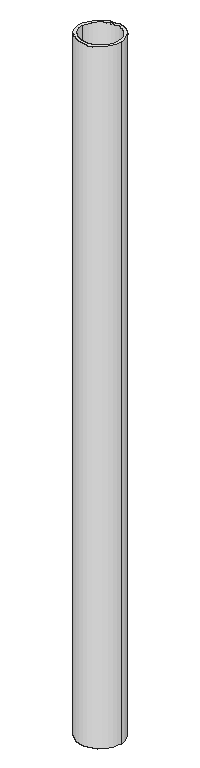
Revit family
Parameters (values of type "168.3x10CHS")
  Column Material [instance] = Metal - Steel - 345 MPa
  Assembly Code = ""
  A = 0.005 m²
  D = 168.3 mm
  Ix = 1564
  M = 39
  Zx = 186
  t = 10 mm
Reference planes
  plane 1 "Center (Front/Back)": y = 0
  plane 2: z = 0
  plane 3 "Center (Left/Right)": x = 0
  plane 4: x = -84.15
  plane 5: x = 84.15
  plane 6: y = 84.15
  plane 7: y = -84.15
  plane 8: x = -74.15
  plane 9: x = 74.15
Forms (mm)
  Extrusion 1, solid, material "Metal - Steel - 345 MPa" <- "Column Material", detail levels medium+fine
    sketch origin (0, 0, 0) x (1, 0, 0) y (0, 1, 0)
      loop
        circle (0, 0) r 84.15
      loop
        circle (0, 0) r 74.15
    from 0 to 2500
Lines and regions (mm)
  symbolic lines, style "StructuralColumnStickSymbols", detail levels coarse
    curve 1: arc (-84.15, 0, 0) -> (0, -84.15, 0) -> (84.15, 0, 0) r 84.15
    curve 2: arc (84.15, 0, 0) -> (0, 84.15, 0) -> (-84.15, 0, 0) r 84.15
Dimensions and locks
  plane 4 to plane 3 "Center (Left/Right)" to plane 5 = 84.15 mm, 84.15 mm
  plane 7 to plane 1 "Center (Front/Back)" to plane 6 = 84.15 mm, 84.15 mm
  "D": plane 7 to plane 6
  "D": plane 4 to plane 5
  "t": plane 4 to plane 8
  "t": plane 9 to plane 5
  aligned: level to Extrusion 1
  aligned: level to plane 2
  aligned: Extrusion 1 to plane 2
  aligned: curve 1 to Extrusion 1
Automatic sketch dimensions
  Extrusion 1 sketch curve to plane 1 "Center (Front/Back)" = 0 mm  (x2)
  Extrusion 1 sketch curve to plane 4 = 0 mm
  Extrusion 1 sketch curve to plane 8 = 0 mm
  Extrusion 1 sketch curve to plane 3 "Center (Left/Right)" = 0 mm  (x2)
